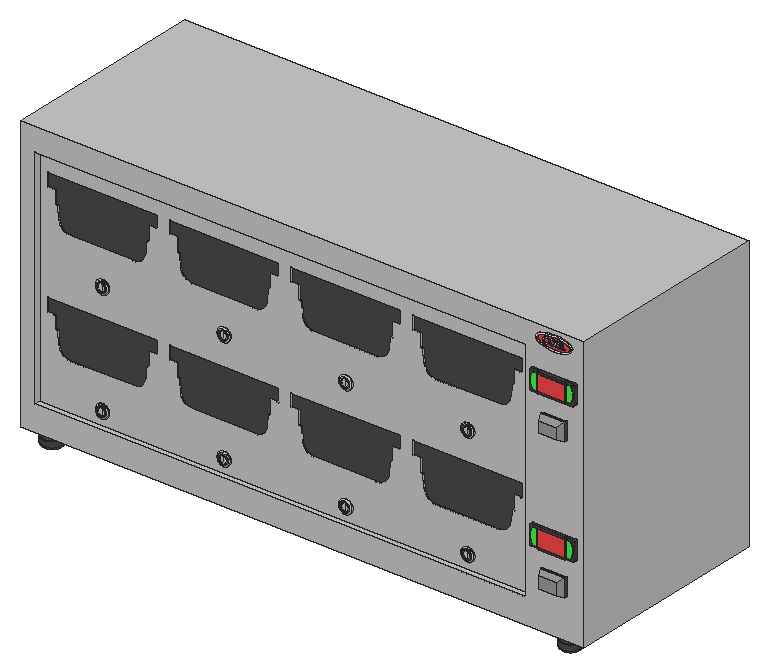
Revit family "QF_COZIL_CPE-08", category Equipamento especial, Revit 2020 (continued)
Definition of nested family "PE DE APOIO"
  Parameters (values of type "PE DE APOIO")
    Masterspec [instance] = ""
    Main switch integrated [instance] = yes
    MU Air Volume [instance] = 0.0 L/s
    MU Air Vent Width [instance] = 0 mm
    MU Air Vent Diameter [instance] = 0 mm
    MU Air Vent Depth [instance] = 0 mm
    MU Air Static Press [instance] = 0.0 Pa
    MU Air Speed at Spigot [instance] = 0.0 L/s
    MU Air RI Height [instance] = 0 mm
    Length Actual [instance] = 0 mm
    Latent Heat Output [instance] = 0 W
    Item Number [instance] = ""
    Installed By [instance] = ""
    Installation Date [instance] = ""
    Ingress Protection Code [instance] = ""
    Indirect Waste Size [instance] = 0 mm
    Indirect Waste Flow [instance] = 0.0 L/s
    Indirect Waste Connection Type [instance] = ""
    Indirect Waste Connection Height [instance] = 0 mm
    Identify Quantity as Lot [instance] = yes
    ID [instance] = ""
    Hygiene Approval [instance] = ""
    Hot Water Temperature [instance] = -273.15 °C
    Hot Water Supply Temperature [instance] = -273.15 °C
    Hot Water Size [instance] = 0 mm
    Hot Water RI Height [instance] = 0 mm
    Hot Water Quality [instance] = ""
    Hot Water Minimum Pressure [instance] = 0.0 Pa
    Hot Water Maximum Pressure [instance] = 0.0 Pa
    Hot Water Flow [instance] = 0.0 L/s
    Hot Water Consumption [instance] = ""
    Hot Water Connection Height [instance] = 0 mm
    Height Actual [instance] = 0 mm
    HP [instance] = ""
    Gas Size Flexible [instance] = 0 mm
    Gas Size Fixed [instance] = 0 mm
    Gas Size [instance] = 0 mm
    Gas RI Height [instance] = 0 mm
    Gas Input [instance] = 0 W
    Gas Flow [instance] = 0.0 L/s
    Gas Connection Height [instance] = 0 mm
    Furnished By [instance] = ""
    Fuel Type [instance] = ""
    Foodservice Equipment Identifier [instance] = yes
    Flue Type [instance] = ""
    Filtered Treated Water Supply Size [instance] = 0 mm
    Filtered Treated Water Recommended Temperature [instance] = -273.15 °C
    Filtered Treated Water RI Height [instance] = 0 mm
    Filtered Treated Water Quality [instance] = ""
    Filtered Treated Water Minimum Pressure [instance] = 0.0 Pa
    Filtered Treated Water Maximum Pressure [instance] = 0.0 Pa
    Filtered Treated Water Flow [instance] = 0.0 L/s
    Filtered Treated Water Consumption [instance] = ""
    Filtered Treated Water Connection Height [instance] = 0 mm
    FL Amps [instance] = 0 A
    Exhaust Volume [instance] = 0.0 L/s
    Exhaust Vent Width [instance] = 0 mm
    Exhaust Vent Height [instance] = 0 mm
    Exhaust Vent Diameter [instance] = 0 mm
    Exhaust Vent Depth [instance] = 0 mm
    Exhaust Static Press [instance] = 0.0 Pa
    Exhaust Speed at Spigot [instance] = 0.0 L/s
    Exhaust RI Height [instance] = 0 mm
    Exhaust Air Temperature [instance] = -273.15 °C
    Exhaust Air Humidity [instance] = 0
    Energy Efficiency Labelling [instance] = ""
    Electrical Remarks [instance] = ""
    Electric Connection Type [instance] = ""
    Elec Conn RI Height [instance] = 0 mm
    Elec Conn Connection Height [instance] = 0 mm
    Earth Leakage Switch necessary [instance] = yes
    Earth Leakage Switch Type [instance] = ""
    ETL Approved [instance] = yes
    Direct Waste Size [instance] = 0 mm
    Direct Waste RI Height [instance] = 0 mm
    Direct Waste Flow [instance] = 0.0 L/s
    Direct Waste Connection Height [instance] = 0 mm
    Direct Heat Output [instance] = 0 W
    Digital Connectivity Description [instance] = ""
    Depth Actual [instance] = 0 mm
    Cycle [instance] = 0 Hz
    Connection to energy optimisation system [instance] = yes
    Conn Plug [instance] = ""
    Conn Conduit [instance] = yes
    Condensate Return Size [instance] = 0 mm
    Condensate Return RI Height [instance] = 0 mm
    Condensate Return Connection Height [instance] = 0 mm
    Compressed Air Volume [instance] = 0.0 L/s
    Compressed Air Size [instance] = 0 mm
    Compressed Air RI Height [instance] = 0 mm
    Compressed Air Quality [instance] = ""
    Compressed Air Pressure [instance] = 0.0 Pa
    Compressed Air Connection Height [instance] = 0 mm
    Cold Water Temperature Recommended [instance] = -273.15 °C
    Cold Water Size [instance] = 0 mm
    Cold Water RI Height [instance] = 0 mm
    Cold Water Quality [instance] = ""
    Cold Water Minimum Pressure [instance] = 0.0 Pa
    Cold Water Maximum Pressure [instance] = 0.0 Pa
    Cold Water Flow [instance] = 0.0 L/s
    Cold Water Consumption [instance] = ""
    Cold Water Connection Height [instance] = 0 mm
    Chilled Water Temperature [instance] = -273.15 °C
    Chilled Water Supply Size [instance] = 0 mm
    Chilled Water Supply RI Height [instance] = 0 mm
    Chilled Water Supply Quality [instance] = ""
    Chilled Water Supply Maximum Temperature [instance] = -273.15 °C
    Chilled Water Supply Connection Height [instance] = 0 mm
    Chilled Water Return Size [instance] = 0 mm
    Chilled Water Return RI Height [instance] = 0 mm
    Chilled Water Return Minimum Pressure [instance] = 0.0 Pa
    Chilled Water Return Maximum Pressure [instance] = 0.0 Pa
    Chilled Water Return Connection Height [instance] = 0 mm
    Chilled Water Minimum Pressure [instance] = 0.0 Pa
    Chilled Water Maximum Pressure [instance] = 0.0 Pa
    Chilled Water Flow [instance] = 0.0 L/s
    CSI MasterFormat [instance] = ""
    CO2 Volume [instance] = 0.0 L/s
    CO2 Size [instance] = 0 mm
    CO2 RI Height [instance] = 0 mm
    CO2 Pressure [instance] = 0.0 Pa
    CO2 Connection Height [instance] = 0 mm
    CE Approved [instance] = yes
    Barcode [instance] = ""
    BTUH [instance] = 0 W
    Author [instance] = ""
    Asset Identifier [instance] = ""
    Apparent Power [instance] = 0 VA
    Accessory [instance] = yes
    Ability for Digital Connectivity [instance] = yes
  Reference planes
    plane 1 "Centro (Frontal/Traseira)": y = 0
    plane 2: z = 0
    plane 3 "Centro (Esquerda/Direita)": x = 0
  Forms (mm)
    Revolve 1, solid
      sketch origin (0, 0, 0) x (1, 0, 0) y (0, 0, 1)
        loop
          line (0, 0) -> (16, 0) -> (16, 3) -> (17.03, 3) -> (17.03, 11.041) -> (16, 11.041) -> (16, 11.89) -> (6.027, 18.987) -> (4.008, 18.987) -> (4.008, 20) -> (0, 20) -> (0, 0)
        axis (0, 20) -> (0, 0)
      angle from 0 to 360
  Dimensions and locks
    aligned and locked: level to plane 2
Definition of nested family "LOGOTIPO COZIL MENOR"
  Parameters (values of type "LOGOTIPO COZIL MENOR")
    Weight [instance] = 0.00 kg
    Watts [instance] = 0 W
    Waste Water Discharge Temperature [instance] = -273.15 °C
    Waste Remarks [instance] = ""
    Warranty Start Date [instance] = ""
    Warranty Duration [instance] = ""
    Volts [instance] = 0 V
    Volt Free Conn [instance] = yes
    Ventilation Remarks [instance] = ""
    URL Recommended Spares List [instance] = ""
    URL Manufacturer [instance] = ""
    URL Cutsheet [instance] = ""
    URL Critical Spares List [instance] = ""
    Default Elevation = 0 mm
    Type Comments = "USA_IFSE_SharedParameters_Dummy_V07_21"
    Technical Documentation [instance] = ""
    Tag Number [instance] = ""
    Steam type [instance] = ""
    Steam Supply Volume [instance] = 0.0 L/s
    Steam Supply Size [instance] = 0 mm
    Steam Supply RI Height [instance] = 0 mm
    Steam Supply Minimum Pressure [instance] = 0.0 Pa
    Steam Supply Maximum Pressure [instance] = 0.0 Pa
    Steam Supply Connection Height [instance] = 0 mm
    Steam Remarks [instance] = ""
    Steam Pounds per Hour [instance] = 0
    Status [instance] = ""
    Start Up Current [instance] = 0 A
    Specification by User [instance] = ""
    Specification by Manufacturer [instance] = ""
    Sound Level [instance] = ""
    Solid Fuel Type [instance] = ""
    Show Logo [instance] = yes
    Show Clearances [instance] = yes
    Service Life Duration [instance] = ""
    Serial Number [instance] = ""
    Sensible Heat Output [instance] = 0 W
    Seismic Rating [instance] = ""
    SMACNA No [instance] = ""
    Revision Code [instance] = ""
    Revision [instance] = ""
    Refrigeration Working Pressure [instance] = 0.0 Pa
    Refrigeration Suction Line Size [instance] = 0 mm
    Refrigeration Liquid Line Size [instance] = 0 mm
    Refrigeration Evaporation Temperature [instance] = -273.15 °C
    Refrigeration Energy Efficiency Index [instance] = ""
    Refrigeration Defrost Drain [instance] = yes
    Refrigeration Climate Class [instance] = ""
    Refrigerant Type [instance] = ""
    Refrigerant Mass [instance] = 0
    Refrigerant Flow [instance] = 0.0 L/s
    Refrigerant Compressor Remote [instance] = yes
    Production Year [instance] = ""
    Preheated Hot Water Temperature Recommended [instance] = -273.15 °C
    Preheated Hot Water Size [instance] = 0 mm
    Preheated Hot Water RI Height [instance] = 0 mm
    Preheated Hot Water Quality [instance] = ""
    Preheated Hot Water Minimum Pressure [instance] = 0.0 Pa
    Preheated Hot Water Maximum Pressure [instance] = 0.0 Pa
    Preheated Hot Water Flow [instance] = 0.0 L/s
    Preheated Hot Water Connection Height [instance] = 0 mm
    Potential Equalisation [instance] = yes
    Point Load [instance] = 0
    Plumbing Remarks [instance] = ""
    Plumbing Connection Type [instance] = ""
    Phase [instance] = 0
    Other Equipment Approvals [instance] = ""
    Operational Current [instance] = 0 A
    Odor Trap Included [instance] = yes
    Number of Poles [instance] = 1
    No Load Power Draw [instance] = yes
    National Water Regulation Certification [instance] = yes
    NAFEM Spec ID Number [instance] = ""
    Model Warning [instance] = ""
    Min Ckt Ampacity [instance] = 0 A
    Mechanical Remarks [instance] = ""
    Mechanical Connection Type [instance] = ""
    Max Overcurrent Protection [instance] = 0 A
    Masterspec [instance] = ""
    Main switch integrated [instance] = yes
    MU Air Volume [instance] = 0.0 L/s
    MU Air Vent Width [instance] = 0 mm
    MU Air Vent Diameter [instance] = 0 mm
    MU Air Vent Depth [instance] = 0 mm
    MU Air Static Press [instance] = 0.0 Pa
    MU Air Speed at Spigot [instance] = 0.0 L/s
    MU Air RI Height [instance] = 0 mm
    Length Actual [instance] = 0 mm
    Latent Heat Output [instance] = 0 W
    Item Number [instance] = ""
    Installed By [instance] = ""
    Installation Date [instance] = ""
    Ingress Protection Code [instance] = ""
    Indirect Waste Size [instance] = 0 mm
    Indirect Waste Flow [instance] = 0.0 L/s
    Indirect Waste Connection Type [instance] = ""
    Indirect Waste Connection Height [instance] = 0 mm
    Identify Quantity as Lot [instance] = yes
    ID [instance] = ""
    Hygiene Approval [instance] = ""
    Hot Water Temperature [instance] = -273.15 °C
    Hot Water Supply Temperature [instance] = -273.15 °C
    Hot Water Size [instance] = 0 mm
    Hot Water RI Height [instance] = 0 mm
    Hot Water Quality [instance] = ""
    Hot Water Minimum Pressure [instance] = 0.0 Pa
    Hot Water Maximum Pressure [instance] = 0.0 Pa
    Hot Water Flow [instance] = 0.0 L/s
    Hot Water Consumption [instance] = ""
    Hot Water Connection Height [instance] = 0 mm
    Height Actual [instance] = 0 mm
    HP [instance] = ""
    Gas Size Flexible [instance] = 0 mm
    Gas Size Fixed [instance] = 0 mm
    Gas Size [instance] = 0 mm
    Gas RI Height [instance] = 0 mm
    Gas Input [instance] = 0 W
    Gas Flow [instance] = 0.0 L/s
    Gas Connection Height [instance] = 0 mm
    Furnished By [instance] = ""
    Fuel Type [instance] = ""
    Foodservice Equipment Identifier [instance] = yes
    Flue Type [instance] = ""
    Filtered Treated Water Supply Size [instance] = 0 mm
    Filtered Treated Water Recommended Temperature [instance] = -273.15 °C
    Filtered Treated Water RI Height [instance] = 0 mm
    Filtered Treated Water Quality [instance] = ""
    Filtered Treated Water Minimum Pressure [instance] = 0.0 Pa
    Filtered Treated Water Maximum Pressure [instance] = 0.0 Pa
    Filtered Treated Water Flow [instance] = 0.0 L/s
    Filtered Treated Water Consumption [instance] = ""
    Filtered Treated Water Connection Height [instance] = 0 mm
    FL Amps [instance] = 0 A
    Exhaust Volume [instance] = 0.0 L/s
    Exhaust Vent Width [instance] = 0 mm
    Exhaust Vent Height [instance] = 0 mm
    Exhaust Vent Diameter [instance] = 0 mm
    Exhaust Vent Depth [instance] = 0 mm
    Exhaust Static Press [instance] = 0.0 Pa
    Exhaust Speed at Spigot [instance] = 0.0 L/s
    Exhaust RI Height [instance] = 0 mm
    Exhaust Air Temperature [instance] = -273.15 °C
    Exhaust Air Humidity [instance] = 0
    Energy Efficiency Labelling [instance] = ""
    Electrical Remarks [instance] = ""
    Electric Connection Type [instance] = ""
    Elec Conn RI Height [instance] = 0 mm
    Elec Conn Connection Height [instance] = 0 mm
    Earth Leakage Switch necessary [instance] = yes
    Earth Leakage Switch Type [instance] = ""
    ETL Approved [instance] = yes
    Direct Waste Size [instance] = 0 mm
    Direct Waste RI Height [instance] = 0 mm
    Direct Waste Flow [instance] = 0.0 L/s
    Direct Waste Connection Height [instance] = 0 mm
    Direct Heat Output [instance] = 0 W
    Digital Connectivity Description [instance] = ""
    Depth Actual [instance] = 0 mm
    Cycle [instance] = 0 Hz
    Connection to energy optimisation system [instance] = yes
    Conn Plug [instance] = ""
    Conn Conduit [instance] = yes
    Condensate Return Size [instance] = 0 mm
    Condensate Return RI Height [instance] = 0 mm
    Condensate Return Connection Height [instance] = 0 mm
    Compressed Air Volume [instance] = 0.0 L/s
    Compressed Air Size [instance] = 0 mm
    Compressed Air RI Height [instance] = 0 mm
    Compressed Air Quality [instance] = ""
    Compressed Air Pressure [instance] = 0.0 Pa
    Compressed Air Connection Height [instance] = 0 mm
    Cold Water Temperature Recommended [instance] = -273.15 °C
    Cold Water Size [instance] = 0 mm
    Cold Water RI Height [instance] = 0 mm
    Cold Water Quality [instance] = ""
    Cold Water Minimum Pressure [instance] = 0.0 Pa
    Cold Water Maximum Pressure [instance] = 0.0 Pa
    Cold Water Flow [instance] = 0.0 L/s
    Cold Water Consumption [instance] = ""
    Cold Water Connection Height [instance] = 0 mm
    Chilled Water Temperature [instance] = -273.15 °C
    Chilled Water Supply Size [instance] = 0 mm
    Chilled Water Supply RI Height [instance] = 0 mm
    Chilled Water Supply Quality [instance] = ""
    Chilled Water Supply Maximum Temperature [instance] = -273.15 °C
    Chilled Water Supply Connection Height [instance] = 0 mm
    Chilled Water Return Size [instance] = 0 mm
    Chilled Water Return RI Height [instance] = 0 mm
    Chilled Water Return Minimum Pressure [instance] = 0.0 Pa
    Chilled Water Return Maximum Pressure [instance] = 0.0 Pa
    Chilled Water Return Connection Height [instance] = 0 mm
    Chilled Water Minimum Pressure [instance] = 0.0 Pa
    Chilled Water Maximum Pressure [instance] = 0.0 Pa
    Chilled Water Flow [instance] = 0.0 L/s
    CSI MasterFormat [instance] = ""
    CO2 Volume [instance] = 0.0 L/s
    CO2 Size [instance] = 0 mm
    CO2 RI Height [instance] = 0 mm
    CO2 Pressure [instance] = 0.0 Pa
    CO2 Connection Height [instance] = 0 mm
    CE Approved [instance] = yes
    Barcode [instance] = ""
    BTUH [instance] = 0 W
    Author [instance] = ""
    Asset Identifier [instance] = ""
    Apparent Power [instance] = 0 VA
    Accessory [instance] = yes
    Ability for Digital Connectivity [instance] = yes
  Reference planes
    plane 1 "Centro (Frontal/Traseira)": y = 0
    plane 2: z = 0
    plane 3 "Centro (Esquerda/Direita)": x = 0
  Forms (mm)
    Extrusion 1, solid
      sketch origin (0, 0, 0) x (1, 0, 0) y (0, 0, 1)
        loop
          spline (-29.554, 0) -> (-28.547, -3.138) -> (-25.594, -6.062) -> (-20.898, -8.573) -> (-14.777, -10.5) -> (-7.649, -11.711) -> (0, -12.125) -> (7.649, -11.711) -> (14.777, -10.5) -> (20.898, -8.573) -> (25.594, -6.062) -> (28.547, -3.138) -> (29.554, 0)
          spline (29.554, 0) -> (28.547, 3.138) -> (25.594, 6.062) -> (20.898, 8.573) -> (14.777, 10.5) -> (7.649, 11.711) -> (0, 12.125) -> (-7.649, 11.711) -> (-14.777, 10.5) -> (-20.898, 8.573) -> (-25.594, 6.062) -> (-28.547, 3.138) -> (-29.554, 0)
        loop
          spline (-27.28, 0) -> (-26.351, -2.55) -> (-23.625, -4.926) -> (-19.29, -6.966) -> (-13.64, -8.531) -> (-7.061, -9.516) -> (0, -9.851) -> (7.061, -9.516) -> (13.64, -8.531) -> (19.29, -6.966) -> (23.625, -4.926) -> (26.351, -2.55) -> (27.28, 0)
          spline (27.28, 0) -> (26.351, 2.55) -> (23.625, 4.926) -> (19.29, 6.966) -> (13.64, 8.531) -> (7.061, 9.516) -> (0, 9.851) -> (-7.061, 9.516) -> (-13.64, 8.531) -> (-19.29, 6.966) -> (-23.625, 4.926) -> (-26.351, 2.55) -> (-27.28, 0)
      from 0 to 2
    Extrusion 2, solid
      sketch origin (0, 0, 0) x (-1, 0, 0) y (0, 0, 1)
        loop
          spline (27.28, 0) -> (26.351, 2.55) -> (23.625, 4.926) -> (19.29, 6.967) -> (13.64, 8.533) -> (7.061, 9.517) -> (0, 9.853) -> (-7.061, 9.517) -> (-13.64, 8.533) -> (-19.29, 6.967) -> (-23.625, 4.926) -> (-26.351, 2.55) -> (-27.28, 0)
          spline (-27.28, 0) -> (-26.351, -2.55) -> (-23.625, -4.926) -> (-19.29, -6.967) -> (-13.64, -8.533) -> (-7.061, -9.517) -> (0, -9.853) -> (7.061, -9.517) -> (13.64, -8.533) -> (19.29, -6.967) -> (23.625, -4.926) -> (26.351, -2.55) -> (27.28, 0)
      from 0 to -1
    Extrusion 3, solid
      sketch origin (0, -1, 0) x (1, 0, 0) y (0, 0, 1)
        loop
          arc (-8.665, 3.23) -> (-17.767, 0.329) -> (-8.665, -2.572) r 5.014
          line (-8.665, -2.572) -> (-9.355, -2.082)
          arc (-9.355, -2.082) -> (-16.922, 0.333) -> (-9.355, 2.748) r 4.169
          line (-9.355, 2.748) -> (-8.665, 3.23)
        loop
          circle (-2.19, 0.368) r 3.959
        loop
          circle (-2.216, 0.363) r 4.94
        loop
          line (4.126, 5.064) -> (4.126, 4.089) -> (7.658, 4.089) -> (3.733, -4.328) -> (8.887, -4.328) -> (8.887, -3.397) -> (5.059, -3.397) -> (9.004, 5.064) -> (4.126, 5.064)
        loop
          line (10.865, 5.002) -> (10.865, -4.328) -> (11.678, -4.328) -> (11.678, 5.002) -> (10.865, 5.002)
        loop
          line (14.083, 5.002) -> (14.083, -4.328) -> (18.527, -4.328) -> (18.527, -3.405) -> (14.909, -3.405) -> (14.909, 5.002) -> (14.083, 5.002)
      from 0 to 1
  Cuts and joins
    joined: Extrusion 1, Extrusion 3
  Dimensions and locks
    Extrusion 1 sketch curve to Extrusion 1 sketch curve = 59.107 mm
    Extrusion 1 sketch curve to Extrusion 1 sketch curve = 24.249 mm
    Extrusion 1 sketch curve to Extrusion 1 sketch curve = 54.561 mm
    Extrusion 1 sketch curve to Extrusion 1 sketch curve = 19.702 mm
    aligned and locked: level to plane 2
Definition of nested family "Botão Fritadeira Digital"
  Parameters (values of type "Botão Fritadeira Digital")
    Weight [instance] = 0.00 kg
    Watts [instance] = 0 W
    Warranty Start Date [instance] = ""
    Warranty Duration [instance] = ""
    Volts [instance] = 0 V
    URL Recommended Spares List [instance] = ""
    URL Manufacturer [instance] = ""
    URL Cutsheet [instance] = ""
    URL Critical Spares List [instance] = ""
    Gas Flow GN [instance] = 0.0 L/s
    Gas Flow GLP = ""
    Default Elevation = 0 mm
    Type Comments = ""
    Technical Documentation [instance] = ""
    Tag Number [instance] = ""
    Steam type [instance] = ""
    Steam Supply Volume [instance] = 0.0 L/s
    Steam Supply Size [instance] = 0 mm
    Steam Supply Minimum Pressure [instance] = 0.0 Pa
    Steam Supply Maximum Pressure [instance] = 0.0 Pa
    Steam Supply Connection Height [instance] = 0 mm
    Steam Pounds per Hour [instance] = 0
    Status [instance] = ""
    Specification by User [instance] = ""
    Specification by Manufacturer [instance] = ""
    Sound Level [instance] = ""
    Solid Fuel Type [instance] = ""
    Show Logo [instance] = yes
    Show Clearances [instance] = yes
    Service Life Duration [instance] = ""
    Serial Number [instance] = ""
    Seismic Rating [instance] = ""
    SMACNA No [instance] = ""
    Revision Code [instance] = ""
    Revision [instance] = ""
    Refrigeration Working Pressure [instance] = 0.0 Pa
    Refrigeration Evaporation Temperature [instance] = -273.15 °C
    Refrigeration Energy Efficiency Index [instance] = ""
    Refrigeration Defrost Drain [instance] = yes
    Refrigeration Climate Class [instance] = ""
    Refrigerant Type [instance] = ""
    Refrigerant Mass [instance] = 0
    Refrigerant Flow [instance] = 0.0 L/s
    Production Year [instance] = ""
    Point Load [instance] = 0
    Phase [instance] = 0
    Operational Current [instance] = 0 A
    NAFEM Spec ID Number [instance] = ""
    Model Warning [instance] = ""
    Masterspec [instance] = ""
    Length Actual [instance] = 0 mm
    Item Number [instance] = ""
    Installed By [instance] = ""
    Installation Date [instance] = ""
    Ingress Protection Code [instance] = ""
    Identify Quantity as Lot [instance] = yes
    ID [instance] = ""
    Hygiene Approval [instance] = ""
    Height Actual [instance] = 0 mm
    Gas Size [instance] = 0 mm
    Gas Input [instance] = 0 W
    Gas Connection Height [instance] = 0 mm
    Furnished By [instance] = ""
    Fuel Type [instance] = ""
    Foodservice Equipment Identifier [instance] = yes
    Flue Type [instance] = ""
    Exhaust Volume [instance] = 0.0 L/s
    Exhaust Vent Width [instance] = 0 mm
    Exhaust Vent Height [instance] = 0 mm
    Exhaust Vent Diameter [instance] = 0 mm
    Exhaust Vent Depth [instance] = 0 mm
    Exhaust Air Temperature [instance] = -273.15 °C
    Elec Conn Connection Height [instance] = 0 mm
    ETL Approved [instance] = yes
    Depth Actual [instance] = 0 mm
    Cycle [instance] = 0 Hz
    CSI MasterFormat [instance] = ""
    CE Approved [instance] = yes
    Accessory [instance] = yes
  Reference planes
    plane 1 "Centro (Frontal/Traseira)": y = 0
    plane 2: z = 0
    plane 3 "Centro (Esquerda/Direita)": x = 0
  Forms (mm)
    Extrusion 1, solid
      sketch origin (15, 0, 0) x (0, 1, 0) y (-1, 0, 0)
        loop
          line (0, -5) -> (29.2, -5) -> (29.2, 35) -> (0, 35) -> (0, -5)
      from 0 to 3.8
    Blend 2, solid
      base sketch origin (15, 0, 3.8) x (0, 1, 0) y (-1, 0, 0)
        loop
          line (0, -5) -> (29.2, -5) -> (29.2, 35) -> (0, 35) -> (0, -5)
      top sketch origin (15, 0, 3.8) x (0, 1, 0) y (-1, 0, 0)
        loop
          line (5.5, 29.5) -> (5.5, 0.5) -> (23.7, 0.5) -> (23.7, 29.5) -> (5.5, 29.5)
      from 0 to 9.5
  Dimensions and locks
    var sketch to Blend 2 sketch curve = 5.5 mm
    Blend 2 sketch curve to var sketch = 5.5 mm
    locked: var sketch to Blend 2 sketch curve at 5.5
    locked: plane 1 "Centro (Frontal/Traseira)" to Blend 2 sketch curve at 5.5
    aligned and locked: level to plane 2
    aligned and locked: Blend 2 sketch curve to Extrusion 1
    aligned and locked: Extrusion 1 to Blend 2  (x3)
Definition of nested family "CONTROLADOR"
  Parameters (values of type "CONTROLADOR")
    Default Elevation = 0 mm
  Reference planes
    plane 1 "Center (Front/Back)": y = 0
    plane 2: z = 0
    plane 3 "Center (Left/Right)": x = 0
  Forms (mm)
    Extrusion 1, solid
      sketch origin (0, 0, 0) x (1, 0, 0) y (0, 0, 1)
        loop
          line (37.5, -12.5) -> (37.5, 12.5)
          arc (37.5, 12.5) -> (36.328, 15.328) -> (33.5, 16.5) r 4
          line (33.5, 16.5) -> (-33.5, 16.5)
          arc (-33.5, 16.5) -> (-36.328, 15.328) -> (-37.5, 12.5) r 4
          line (-37.5, 12.5) -> (-37.5, -12.5)
          arc (-37.5, -12.5) -> (-36.328, -15.328) -> (-33.5, -16.5) r 4
          line (-33.5, -16.5) -> (33.5, -16.5)
          arc (33.5, -16.5) -> (36.328, -15.328) -> (37.5, -12.5) r 4
      from 0 to 5
    Extrusion 2, solid
      sketch origin (0, 0, 0) x (1, 0, 0) y (0, 0, 1)
        loop
          line (24, -13.5) -> (24, 13.5)
          arc (24, 13.5) -> (23.121, 15.621) -> (21, 16.5) r 3
          line (21, 16.5) -> (-21, 16.5)
          arc (-21, 16.5) -> (-23.121, 15.621) -> (-24, 13.5) r 3
          line (-24, 13.5) -> (-24, -13.5)
          arc (-24, -13.5) -> (-23.121, -15.621) -> (-21, -16.5) r 3
          line (-21, -16.5) -> (21, -16.5)
          arc (21, -16.5) -> (23.121, -15.621) -> (24, -13.5) r 3
      from 5 to 5.937
    Extrusion 3, solid
      sketch origin (0, 0, 0) x (1, 0, 0) y (0, 0, 1)
        loop
          line (-23, 13) -> (-23, -13) -> (23, -13) -> (23, 13) -> (-23, 13)
      from 5.937 to 6.875
    Extrusion 4, solid
      sketch origin (0, 0, 0) x (1, 0, 0) y (0, 0, 1)
        loop
          line (24, -13) -> (31, -13)
          arc (31, -13) -> (34.646, 0) -> (31, 13) r 25
          line (31, 13) -> (24, 13) -> (24, -13)
        loop
          line (-24, -13) -> (-24, 13) -> (-31, 13)
          arc (-31, 13) -> (-34.646, 0) -> (-31, -13) r 25
          line (-31, -13) -> (-24, -13)
      from 5 to 5.937
  Cuts and joins
    joined: Extrusion 1, Extrusion 2
  Dimensions and locks
    aligned and locked: level to plane 2
Definition of nested family "LUZ ESTUFA DE PROTEINAS"
  Parameters (values of type "LUZ ESTUFA DE PROTEINAS")
    Weight [instance] = 0.00 kg
    Default Elevation = 0 mm
    Type Comments = ""
    Show Logo [instance] = yes
    Show Clearances [instance] = yes
    SMACNA No [instance] = ""
    Revision Code [instance] = ""
    Point Load [instance] = 0
    NAFEM Spec ID Number [instance] = ""
    Masterspec [instance] = ""
    Length Actual [instance] = 0 mm
    Item Number [instance] = ""
    Identify Quantity as Lot [instance] = yes
    Height Actual [instance] = 0 mm
    Foodservice Equipment Identifier [instance] = yes
    Depth Actual [instance] = 0 mm
    CSI MasterFormat [instance] = ""
    CE Approved [instance] = yes
    Accessory [instance] = yes
  Reference planes
    plane 1 "Centro (Frontal/Traseira)": y = 0
    plane 2: z = 0
    plane 3 "Centro (Esquerda/Direita)": x = 0
  Forms (mm)
    Extrusion 1, solid
      sketch origin (0, -1.5, 0) x (0, 0, 1) y (-1, 0, 0)
        loop
          circle (0, 0) r 7.9
        loop
          circle (0, 0) r 6
      from 0 to 1
    Revolve 2, solid
      sketch origin (0, 0, 0) x (0, 1, 0) y (0, 0, 1)
        loop
          line (-2.5, 0) -> (0, 0) -> (0, 11) -> (-0.98, 11) -> (-2.5, 9) -> (-2.5, 7.9) -> (-1.5, 7.9) -> (-1.5, 6) -> (-2.5, 6) -> (-2.5, 0)
        axis (0, 0) -> (-2.5, 0)
      angle from 0 to 360
  Dimensions and locks
    aligned and locked: level to plane 2
    aligned and locked: plane 2 to Revolve 2 sketch curve
    aligned and locked: Extrusion 1 to Revolve 2
